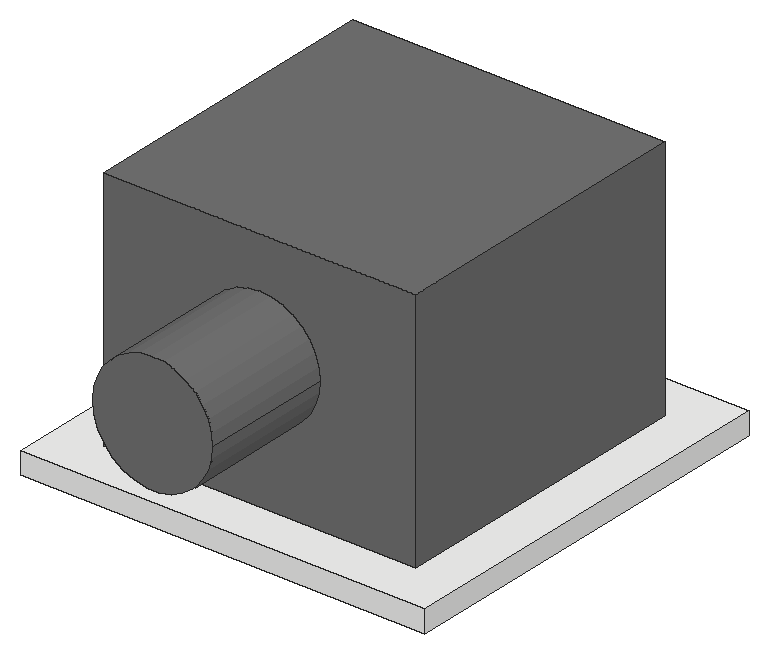
Revit family "vd-10_15z(p)(p)(s)c14-bl_60Hz", category 機械設備, Revit 2019
Family settings
  丸型コネクタ寸法 = 直径を使用
  パーツ タイプ = 標準
  OmniClass 番号 = 23.75.35.17.27
  OmniClass タイトル = Centrifugal Fans
  作業面ベース = いいえ
  常に垂直 = はい
  ロード時にボイドで切り取り = いいえ
  共有 = いいえ
  部屋計算ポイント = はい
Parameters (values of type "VD-15ZPPC14-BL")
  騒音レベル(dB(A)) [instance] = 31
  風量 [instance] = 190.0 m³/h
  電源種別 [instance] = ""
  電圧 = 100 V
  電動機出力 = 0 W
  電動機_種別 [instance] = ""
  運転質量 = 0.00 kg
  連動 [instance] = ""
  質量 = if(製品質量 > 運転質量, 製品質量, 運転質量) * 1.2  # 3.84 kg
  負荷分類 = 3_ファン類
  説明 = "優良住宅部品(BL部品)認定 ダクト用換気扇<換気ユニット サニタリー用ファン 浴室用Ⅲ型>"
  設計風量 [instance] = 0.0 m³/h
  設置方法 = "天埋"
  記号 [instance] = ""
  製造元 = "三菱電機株式会社"
  製品質量 = 3.20 kg
  製品出荷対象 = "国内"
  製品リリース年月 = "2024年6月3日"
  製品グループ = ""
  系統 [instance] = ""
  符号 [instance] = if(☑給気／□排気, "FS", "FE")  # "FE"
  積算_科目 = "2 換気設備"
  積算_拾い区分 [instance] = ""
  相 = 1
  盤記号 [instance] = ""
  発停方法 [instance] = ""
  特殊仕様 [instance] = ""
  火災停止 [instance] = ""
  消費電力 = 30 W
  法定耐用年数 = "15"
  機外静圧 [instance] = 0.0 Pa
  極数 = 2
  材質 [instance] = ""
  操作・制御方式 = ""
  操作・制御スイッチ = ""
  排気量 [instance] = if(☑給気／□排気, 0.0 m³/h, 設計風量)  # 0.0 m³/h
  形式 = "天井埋込ダクト形"
  幹線記号 [instance] = ""
  対象室 [instance] = ""
  実風量 [instance] = 0.0 m³/h
  始動方式 [instance] = "直入"
  外気量 [instance] = if(☑給気／□排気, 設計風量, 0.0 m³/h)  # 0.0 m³/h
  呼称 = "天井扇"
  周波数 = 60 Hz
  参照している仕様書等のバージョン = ""
  分類コード = "50052503100030"
  分類グループ = ""
  価格 = 47600
  企業コード = "108420"
  付属品_防振装置 = ""
  付属品 [instance] = ""
  仕様書バージョン = "Version1.0"
  モデル = "VD-15ZPPC14-BL"
  マテリアル = 合成樹脂(黒)
  ファンの種類 = ""
  ダクト径 = 100 mm
  コメント [instance] = ""
  Keynote = ""
  カバーマテリアル = 合成樹脂(白)
  ☑給気／□排気 [instance] = no
  Width = 254 mm
  W1 = 330 mm
  Version = ""
  Uniclass2015Version = "Systems v1.9"
  Uniclass2015Title = "Centrifugal fans"
  Uniclass2015Code = "Pr_65_67_29_12"
  URL = "https://www.mitsubishielectric.co.jp/ldg/wink/qr/002/333630/"
  SpecificationReference = ""
  SpecificationDescription = ""
  Revision = ""
  ProductInformation = ""
  OmniClassCode = "23-33 31 19 11 15"
  OAサイズ_D = 0 mm
  MIN風量 = 135.0 m³/h
  MIN静圧 = 0.0 Pa
  MID風量 = 0.0 m³/h
  MID静圧 = 0.0 Pa
  MAX風量 = 190.0 m³/h
  MAX静圧 = 0.0 Pa
  IfcTypeProduct = ""
  IfcProduct = ""
  IfcExportType = "PROPELLORAXIAL"
  IfcExportAs = "IfcFanType"
  Height = 200 mm
  H1 = 18 mm
  EAサイズ_D = 98 mm
  Duct_Height = 109 mm
  Duct_Depth = 109 mm
  Duct_Center = 0 mm
  Depth = 254 mm
  D1 = 330 mm
  Author = "三菱電機株式会社"
Types (6, lengths in mm): name | 騒音レベル(dB(A)) | 風量 | 質量 | 説明 | 製品質量 | 消費電力 | 価格 | モデル | Width | W1 | URL | MIN風量 | MAX風量 | Height | H1 | Duct_Height | Duct_Center | Depth | D1
  VD-10ZC14-BL | 22 | 95.0 m³/h | 1.92 kg | "優良住宅部品(BL部品)認定 ダクト用換気扇<換気ユニット サニタリー用ファン 浴室用I型>" | 1.60 kg | 9.3 W | 26800 | "VD-10ZC14-BL" | 174 | 250 | "https://www.mitsubishielectric.co.jp/ldg/wink/qr/002/333556/" | 0.0 m³/h | 95.0 m³/h | 184 | 15 | 102 | 0 | 174 | 250
  VD-13ZC14-BL | 28.5 | 130.0 m³/h | 2.16 kg | "優良住宅部品(BL部品)認定 ダクト用換気扇<換気ユニット サニタリー用ファン 浴室用I型>" | 1.80 kg | 15.5 W | 30800 | "VD-13ZC14-BL" | 198 | 286 | "https://www.mitsubishielectric.co.jp/ldg/wink/qr/002/333580/" | 0.0 m³/h | 130.0 m³/h | 195 | 15 | 102 | 56 | 198 | 286
  VD-13ZSC14-BL | 29.5 | 130.0 m³/h | 2.16 kg | "優良住宅部品(BL部品)認定 ダクト用換気扇<換気ユニット サニタリー用ファン 浴室用I型>" | 1.80 kg | 15.5 W | 33600 | "VD-13ZSC14-BL" | 204 | 286 | "https://www.mitsubishielectric.co.jp/ldg/wink/qr/002/333595/" | 0.0 m³/h | 130.0 m³/h | 195 | 15 | 109 | 0 | 204 | 286
  VD-15ZC14-BL | 28.5 | 180.0 m³/h | 3.72 kg | "優良住宅部品(BL部品)認定 ダクト用換気扇<換気ユニット サニタリー用ファン 浴室用Ⅱ型>" | 3.10 kg | 19 W | 32800 | "VD-15ZC14-BL" | 254 | 330 | "https://www.mitsubishielectric.co.jp/ldg/wink/qr/002/333603/" | 95.0 m³/h | 180.0 m³/h | 200 | 18 | 109 | 0 | 254 | 330
  VD-15ZPC14-BL | 34.5 | 230.0 m³/h | 3.72 kg | "優良住宅部品(BL部品)認定 ダクト用換気扇<換気ユニット サニタリー用ファン 浴室用Ⅲ型>" | 3.10 kg | 24.5 W | 36600 | "VD-15ZPC14-BL" | 254 | 330 | "https://www.mitsubishielectric.co.jp/ldg/wink/qr/002/333627/" | 95.0 m³/h | 230.0 m³/h | 200 | 18 | 109 | 0 | 254 | 330
  VD-15ZPPC14-BL | 31 | 190.0 m³/h | 3.84 kg | "優良住宅部品(BL部品)認定 ダクト用換気扇<換気ユニット サニタリー用ファン 浴室用Ⅲ型>" | 3.20 kg | 30 W | 47600 | "VD-15ZPPC14-BL" | 254 | 330 | "https://www.mitsubishielectric.co.jp/ldg/wink/qr/002/333630/" | 135.0 m³/h | 190.0 m³/h | 200 | 18 | 109 | 0 | 254 | 330
Reference planes
  plane 1 "中心(正面/背面)": y = 0
  plane 2: z = 0
  plane 3 "中心(左/右)": x = 0
  plane 4: x = -165
  plane 5: x = 165
  plane 6: y = 165
  plane 7: y = -165
  plane 8: x = -127
  plane 9: x = 127
  plane 10: y = 127
  plane 11: y = -127
  plane 12: y = -236
  plane 13: z = 200
  plane 14: z = -18
  plane 15: z = 109
  plane 16: x = 0
Forms (mm)
  Extrusion 1, solid, material "合成樹脂(黒)" <- "マテリアル", detail levels fine
    sketch origin (0, 0, 0) x (1, 0, 0) y (0, 1, 0)
      loop
        line (-127, 127) -> (-127, -127) -> (127, -127) -> (127, 127) -> (-127, 127)
    from 0 to 200
  Extrusion 2, solid, material "合成樹脂(白)" <- "カバーマテリアル", detail levels fine
    sketch origin (0, 0, 0) x (1, 0, 0) y (0, 1, 0)
      loop
        line (-165, 165) -> (-165, -165) -> (165, -165) -> (165, 165) -> (-165, 165)
    from 0 to -18
  Extrusion 3, solid, material "合成樹脂(黒)" <- "マテリアル", detail levels fine
    sketch origin (0, 0, 0) x (1, 0, 0) y (0, 0, 1)
      loop
        circle (0, 109) r 49
    from 127 to 236
Dimensions and locks
  equal spacing: plane 4, plane 3 "中心(左/右)", plane 5
  "W1": plane 4 to plane 5
  equal spacing: plane 6, plane 1 "中心(正面/背面)", plane 7
  "D1": plane 6 to plane 7
  equal spacing: plane 8, plane 3 "中心(左/右)", plane 9
  "Width": plane 8 to plane 9
  equal spacing: plane 10, plane 1 "中心(正面/背面)", plane 11
  "Depth": plane 10 to plane 11
  "Duct_Depth": plane 11 to plane 12
  "Height": plane 13 to plane 2
  "Duct_Height": plane 15 to plane 2
  "H1": plane 2 to plane 14
  "Duct_Center": plane 3 "中心(左/右)" to plane 16
  "EAサイズ_D": diameter of Extrusion 3 sketch curve
  aligned and locked: level to plane 2
  aligned and locked: plane 5 to Extrusion 2
  aligned and locked: plane 6 to Extrusion 2
  aligned and locked: Extrusion 2 to plane 4
  aligned and locked: Extrusion 2 to plane 7
  aligned and locked: plane 9 to Extrusion 1
  aligned and locked: Extrusion 1 to plane 11
  aligned and locked: Extrusion 1 to plane 8
  aligned and locked: plane 10 to Extrusion 1
  aligned and locked: plane 13 to Extrusion 1
  aligned and locked: Extrusion 2 to plane 14
  aligned and locked: level to Extrusion 2
  aligned and locked: Extrusion 1 to level
  aligned and locked: Extrusion 3 to plane 12
  aligned and locked: plane 11 to Extrusion 3
Automatic sketch dimensions
  Extrusion 1 sketch curve to plane 3 "中心(左/右)" = 127 mm
  plane 3 "中心(左/右)" to Extrusion 1 sketch curve = 127 mm
  Extrusion 2 sketch curve to plane 3 "中心(左/右)" = 165 mm
  plane 3 "中心(左/右)" to Extrusion 2 sketch curve = 165 mm
  plane 1 "中心(正面/背面)" to Extrusion 1 sketch curve = 127 mm
  Extrusion 1 sketch curve to plane 1 "中心(正面/背面)" = 127 mm
  plane 1 "中心(正面/背面)" to Extrusion 2 sketch curve = 165 mm
  Extrusion 2 sketch curve to plane 1 "中心(正面/背面)" = 165 mm
  Extrusion 3 sketch curve to plane 15 = 0 mm
  Extrusion 3 sketch curve to plane 16 = 0 mm
Nested families
  nested 1: "記号_天井換気扇_平面" at (0, 0, 0), type "記号_天井換気扇_平面", detail levels coarse+medium
Connectors
  hvac at (0, -236, 109), driven by "ダクト径", driven by "風量", driven by "機外静圧"
    settings: on Extrusion 3, index 1, duct flow 190.0 m³/h, flow factor 0, pres drop 0.0 Pa, loss coef 0, conn angle 0.00°, conn width 304.8 mm, conn height 304.8 mm, conn diameter 100 mm, duct sys type 3, conn prof type 0, flow config 0, flow direction 2, loss method 4, conn ref index -1, conn util no, is conn primary yes, conn desc ""
  electrical at (0, 0, 200), driven by "極数", driven by "負荷分類", driven by "電圧", driven by "消費電力"
    settings: on Extrusion 1, index 2, voltage 100 V, apparent load 30 VA, apparent load phase1 0 VA, apparent load phase2 0 VA, apparent load phase3 0 VA, power factor 1, load classification "3_ファン類", number of poles 2, system type 30, power factor state 1, is connector primary yes, connector utility no, sub classification motor no, connector description ""
Definition of nested family "記号_天井換気扇_平面"
  Reference planes
    plane 1: y = 0
    plane 2: x = 0
  Lines and regions (mm)
    detail lines
      curve 1: line (-2.5, 2.5, 0) -> (2.5, 2.5, 0)
      curve 2: line (-2.5, -2.5, 0) -> (-2.5, 2.5, 0)
      curve 3: line (2.5, -2.5, 0) -> (-2.5, -2.5, 0)
      curve 4: line (2.5, 2.5, 0) -> (2.5, -2.5, 0)
      curve 5: circle (-1.04, -1.04, 0) r 1.46 normal (0, 0, 1)
      curve 6: circle (1.04, 1.04, 0) r 1.46 normal (0, 0, 1)
      curve 7: line (-3.125, 3.125, 0) -> (3.125, 3.125, 0)
      curve 8: line (-3.125, -3.125, 0) -> (-3.125, 3.125, 0)
      curve 9: line (3.125, -3.125, 0) -> (-3.125, -3.125, 0)
      curve 10: line (3.125, 3.125, 0) -> (3.125, -3.125, 0)
      curve 11: circle (1.295, 1.295, 0) r 1.83 normal (0, 0, 1)
      curve 12: circle (-1.295, -1.295, 0) r 1.83 normal (0, 0, 1)
      curve 13: line (-2, 2, 0) -> (2, 2, 0)
      curve 14: line (-2, -2, 0) -> (-2, 2, 0)
      curve 15: line (2, -2, 0) -> (-2, -2, 0)
      curve 16: line (2, 2, 0) -> (2, -2, 0)
      curve 17: circle (0.84, 0.84, 0) r 1.16 normal (0, 0, 1)
      curve 18: circle (-0.84, -0.84, 0) r 1.2 normal (0, 0, 1)
